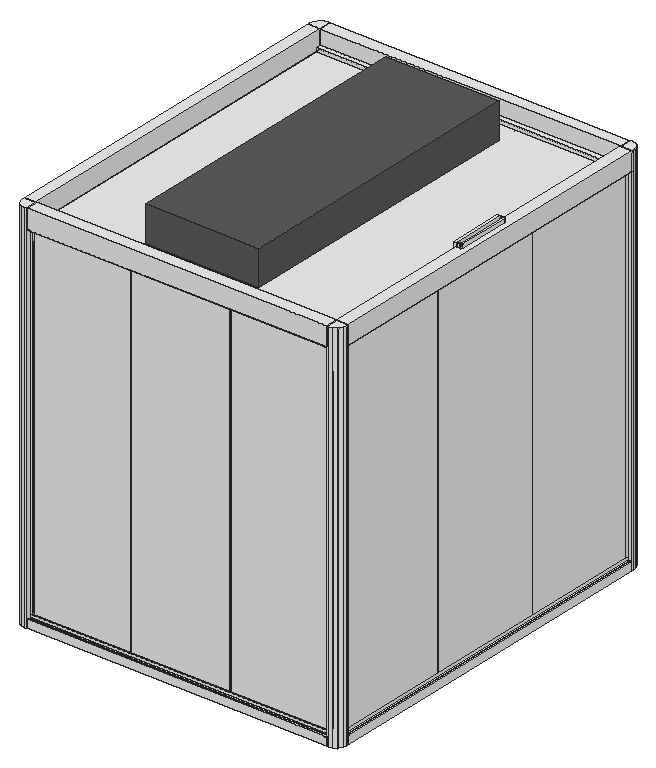
Revit family "Dauphin-Bosse S4_Space Pod_V2", category Casework, Revit 2019
Family settings
  Work Plane-Based = No
  Always vertical = Yes
  Cut with Voids When Loaded = No
  Shared = No
  Room Calculation Point = No
Parameters (values of type "Bosse S4 - Small")
  Width = 2152 mm
  Type Comments = "Bosse Series 4"  # constant formula
  Side Panel Amounts = if(Width > 2600 mm, 4, 3)  # 3
  Model = "BP4S_P85X99X99"
  Manufacturer = "Dauphin North America"  # constant formula
  Light Visibility = Width > 3500 mm  # no
  Height = 2502 mm
  Froor Depth = Depth - (78 mm * 2)  # 2358 mm
  Front Panel Amounts = if(Width > 2000 mm, 3, 2)  # 3
  Floor Width = Width - (78 mm * 2)  # 1996 mm
  Door Width = 914 mm
  Door Opening Width = Door Width + 84 mm  # 998 mm
  Description = "Bosse S4 Small PURE"
  Depth = 2514 mm
  Dauphin_White = Bosse_Panel Exterior Material
  Dauphin_Metal = Bosse_Panel Exterior Material
  Dauphin_Handle = Bosse_Door Handle Material
  Dauphin_Glass = Bosse_Panel Glass Material
  Dauphin_AC Console = Bosse_Door Metal Material
  Dauphin Floor = Bosse_Fabric Divina Asphalt Grey
  Back Panel Amount = if(Width > 2600 mm, 4, 3)  # 3
Reference planes
  plane 1 "Center (Front/Back)": y = 0
  plane 2: z = 0
  plane 3 "Center (Left/Right)": x = 0
  plane 4: y = 1257
  plane 5: y = -1257
  plane 6: x = -1076
  plane 7: x = 1076
  plane 8: z = 2502
  plane 9: x = -998
  plane 10: x = 998
Dimensions and locks
  equal spacing: plane 6, plane 3 "Center (Left/Right)", plane 7
  "Width": plane 6 to plane 7
  equal spacing: plane 4, plane 1 "Center (Front/Back)", plane 5
  "Depth": plane 5 to plane 4
  "Height": plane 8 to plane 2
  locked: plane 6 to plane 9 at 78
  locked: plane 10 to plane 7 at 78
  locked: nested 3 to plane 7 at 120
  locked: plane 4 to nested 3 at 39
  aligned and locked: level to plane 2
  aligned and locked: plane 5 to nested 1  (x2)
  aligned and locked: nested 1 to plane 3 "Center (Left/Right)"
  aligned and locked: nested 2 to plane 4
  aligned and locked: plane 9 to nested 2
  aligned and locked: plane 1 "Center (Front/Back)" to nested 4
  aligned and locked: plane 3 "Center (Left/Right)" to nested 4
  aligned and locked: plane 1 "Center (Front/Back)" to nested 5
  aligned and locked: nested 6 to plane 1 "Center (Front/Back)"
  aligned and locked: plane 6 to nested 6
  aligned and locked: plane 1 "Center (Front/Back)" to nested 7
  aligned and locked: plane 7 to nested 7
Nested families
  nested 1: "Bosse-Collaboration_Solid 2 Panel" at (0, -1257, 0) x (0, -1, 0) z (0, 0, 1), Ext_Height <- "Height", Èxt_Length <- "Width", Panel Amount <- "Back Panel Amount", Panel Material <- "Dauphin_White", Profile Material <- "Dauphin_Metal", type "Bosse-Collaboration_Solid 2 Panel"
    with Èxt_Length 2152 mm, Right Profile yes, Profile Material Bosse_Panel Exterior Material, Panel Material Bosse_Panel Exterior Material, Panel Int Length 663.333 mm, Panel Int Height 2313 mm, Panel Amount 3, Left Profile yes, Int_Length 1996 mm, Int_Height 2466 mm, Ext_Height 2502 mm
  nested 2: "Bosse-Collaboration_Door Glass Panels" at (0, 1257, 0), Height <- "Height", Glass Panel Material <- "Dauphin_Glass", Profile Material <- "Dauphin_White", Door Width <- "Door Opening Width", Width <- "Floor Width", type "Bosse-Collaboration_Door Glass Panels"
    with Width 1996 mm, Single Panel yes, Profile Material Bosse_Panel Exterior Material, Panel Width 998 mm, Multiple Panels no, Height 2502 mm, Glass Thickness 10 mm, Glass Panel Width 330.667 mm, Glass Panel Material Bosse_Panel Glass Material, Glass Height 2307 mm, Door Width 998 mm, Glass Panel Amount 3
  nested 3: "Bosse_Glass Door Panel" at (499, 1218, 0) x (-1, 0, 0) z (0, 0, 1), Width <- "Door Width", Door Handle Material <- "Dauphin_Handle", Glass Material <- "Dauphin_Glass", Metal Material <- "Dauphin_Metal", type "Bosse_Glass Door Panel"
    with Width 914 mm, Metal Material Bosse_Panel Exterior Material, Height 2332 mm, Glass Material Bosse_Panel Glass Material, Door Handle Material Bosse_Door Handle Material
  nested 4: "Bosse-Collaboration_Floor" at (0, 0, 0), Depth <- "Froor Depth", Width <- "Floor Width", Floor Material <- "Dauphin Floor", type "Bosse-Collaboration_Floor"
    with Width 1996 mm, Floor Material Bosse_Fabric Divina Asphalt Grey, Depth 2358 mm
  nested 5: "Bosse-Collaboration_Ceiling" at (-40, 0, 0), Depth <- "Froor Depth", Width <- "Floor Width", AC Console Material <- "Dauphin_AC Console", Ceiling Material <- "Dauphin_White", Shadow Line Material <- "Dauphin_White", type "Small"
    with Width 1996 mm, Shadow Line Material Bosse_Panel Exterior Material, Depth 2358 mm, Ceiling Material Bosse_Panel Exterior Material, AC Console Material Bosse_Door Metal Material
  nested 6: "Bosse-Collaboration_Solid 3 Panel" at (-1076, 0, 0) x (-1, 0, 0) z (0, 0, 1), Èxt_Length <- "Depth", Interior Panel Material <- "Dauphin_White", External Panel Material <- "Dauphin_White", type "Bosse-Collaboration_Solid 3 Panel"
    with Èxt_Length 2514 mm, Right Profile yes, Panel Int Width 784 mm, Panel Int Height 2311 mm, Left Profile yes, Internal Panel no, Interior Panel Material Bosse_Panel Exterior Material, Int_Length 2358 mm, Int_Height 2466 mm, External Panel Material Bosse_Panel Exterior Material, Ext_Height 2502 mm
  nested 7: "Bosse-Collaboration_Solid 3 Panel" at (1076, 0, 0), Èxt_Length <- "Depth", Interior Panel Material <- "Dauphin_White", External Panel Material <- "Dauphin_White", type "Bosse-Collaboration_Solid 3 Panel"
    with Èxt_Length 2514 mm, Right Profile yes, Panel Int Width 784 mm, Panel Int Height 2311 mm, Left Profile yes, Internal Panel yes, Interior Panel Material Bosse_Panel Exterior Material, Int_Length 2358 mm, Int_Height 2466 mm, External Panel Material Bosse_Panel Exterior Material, Ext_Height 2502 mm
Definition of nested family "Bosse-Collaboration_Solid 2 Panel"
  Parameters (values of type "Bosse-Collaboration_Solid 2 Panel")
    Èxt_Length [instance] = 2152 mm
    Right Profile [instance] = yes
    Profile Material [instance] = none
    Panel Material [instance] = none
    Panel Int Length [instance] = (Int_Length - 6 mm) / Panel Amount  # 995 mm
    Panel Int Height [instance] = 2313 mm  # constant formula
    Panel Amount [instance] = 2
    Left Profile [instance] = yes
    Int_Length [instance] = Èxt_Length - 78 mm - 78 mm  # 1996 mm
    Int_Height [instance] = Ext_Height - 36 mm  # 2374 mm
    Ext_Height [instance] = 2410 mm
  Reference planes
    plane 1 "Center (Front/Back)": y = 0
    plane 2: z = 0
    plane 3 "Center (Left/Right)": x = 0
    plane 4: y = 998
    plane 5: y = -998
    plane 6: y = -995
    plane 7: y = 995
    plane 8: y = -1076
    plane 9: y = 1076
  Forms (mm)
    Sweep 1, solid, material <- "Profile Material"
      path origin (0, 0, 0) x (1, 0, 0) y (0, 1, 0)
        loop
          line (0, -998) -> (0, 998)
      profile origin (0, 0, 0) x (-1, 0, 0) y (0, 0, 1)
        loop
          line (17.55, 45) -> (9.55, 45) -> (9.55, 55) -> (0.9, 55)
          arc (0.9, 55) -> (0.264, 54.736) -> (0, 54.1) r 0.9
          line (0, 54.1) -> (0, 0) -> (78, 0) -> (78, 54.136)
          arc (78, 54.136) -> (77.747, 54.747) -> (77.136, 55) r 0.864
          line (77.136, 55) -> (68.45, 55) -> (68.45, 45) -> (60.45, 45) -> (60.45, 55) -> (17.55, 55) -> (17.55, 45)
        loop
          line (78, 2502) -> (0, 2502) -> (0, 2374.877)
          arc (0, 2374.877) -> (0.257, 2374.257) -> (0.877, 2374) r 0.877
          line (0.877, 2374) -> (9.55, 2374) -> (9.55, 2384) -> (17.55, 2384) -> (17.55, 2374) -> (60.45, 2374) -> (60.45, 2384) -> (68.45, 2384) -> (68.45, 2374) -> (77.1, 2374)
          arc (77.1, 2374) -> (77.736, 2374.264) -> (78, 2374.9) r 0.9
          line (78, 2374.9) -> (78, 2502)
    Sweep 2, solid, material <- "Profile Material"
      path origin (0, 0, 0) x (0, 1, 0) y (0, 0, 1)
        loop
          line (998, 55) -> (-998, 55)
      profile origin (0, 0, 55) x (0, 0, -1) y (1, 0, 0)
        loop
          line (-21, -26.5) -> (-21, -34) -> (-2.8, -34) -> (-2.8, -44) -> (-21, -44) -> (-21, -51.5) -> (-6.5, -51.5) -> (-6, -50.874) -> (-5.5, -51.5) -> (0, -51.5) -> (0, -26.5) -> (-21, -26.5)
        loop
          line (-2298, -26.5) -> (-2319, -26.5) -> (-2319, -51.5) -> (-2313.5, -51.5) -> (-2313, -50.874) -> (-2312.5, -51.5) -> (-2298, -51.5) -> (-2298, -44) -> (-2316.2, -44) -> (-2316.2, -34) -> (-2298, -34) -> (-2298, -26.5)
    Extrusion 3, solid, material <- "Profile Material"
      sketch origin (0, 0, 0) x (1, 0, 0) y (0, 1, 0)
        loop
          line (-51.5, 998) -> (-51.5, 992.5) -> (-50.874, 992) -> (-51.5, 991.5) -> (-51.5, 977) -> (-44, 977) -> (-44, 995.2) -> (-34, 995.2) -> (-34, 977) -> (-26.5, 977) -> (-26.5, 998) -> (-51.5, 998)
        loop
          line (-51.5, -998) -> (-26.5, -998) -> (-26.5, -977) -> (-34, -977) -> (-34, -995.2) -> (-44, -995.2) -> (-44, -977) -> (-51.5, -977) -> (-51.5, -991.5) -> (-50.874, -992) -> (-51.5, -992.5) -> (-51.5, -998)
      from 76 to 2353
  Dimensions and locks
    equal spacing: plane 5, plane 1 "Center (Front/Back)", plane 4
    "Int_Length": plane 5 to plane 4
    locked: plane 5 to plane 6 at 3
    locked: plane 7 to plane 4 at 3
    group 1 to group 2 = 0 mm  (x2)
    group 1 to group 2 = 995 mm
    equal spacing: plane 8, plane 1 "Center (Front/Back)", plane 9
    "Èxt_Length": plane 8 to plane 9
    aligned and locked: level to plane 2
    aligned and locked: nested 1 to Sweep 1 sketch curve
    aligned and locked: plane 4 to Sweep 2 sketch curve
    aligned and locked: plane 5 to Sweep 2 sketch curve
    aligned and locked: Extrusion 3 to Sweep 2  (x2)
    aligned and locked: Extrusion 3 to Sweep 2 sketch curve
    aligned and locked: Sweep 2 sketch curve to Extrusion 3  (x3)
    aligned and locked: plane 6 to nested 2
    aligned and locked: plane 7 to nested 3
    aligned and locked: plane 1 "Center (Front/Back)" to nested 1
  Automatic sketch dimensions
    Sweep 1 sketch curve to profile plane = 0 mm  (x2)
    Sweep 1 sketch curve to level = 0 mm
    Sweep 1 sketch curve to profile plane = 0.877 mm
    Sweep 1 sketch curve to profile plane = 0.9 mm
    Sweep 1 sketch curve to profile plane = 9.55 mm
    Sweep 1 sketch curve to Sweep 1 sketch curve = 8.673 mm
    Sweep 1 sketch curve to Sweep 1 sketch curve = 8 mm  (x4)
    Sweep 1 sketch curve to Sweep 1 sketch curve = 42.9 mm  (x2)
    Sweep 1 sketch curve to Sweep 1 sketch curve = 8.686 mm
    Sweep 1 sketch curve to Sweep 1 sketch curve = 8.65 mm
    Sweep 1 sketch curve to Sweep 1 sketch curve = 0.864 mm
    Sweep 1 sketch curve to Sweep 1 sketch curve = 0.9 mm
    level to Sweep 1 sketch curve = 45 mm  (x2)
    Sweep 1 sketch curve to Sweep 1 sketch curve = 9.1 mm
    Sweep 1 sketch curve to Sweep 1 sketch curve = 9.136 mm
    Sweep 1 sketch curve to Sweep 1 sketch curve = 0 mm  (x3)
    Sweep 1 sketch curve to Sweep 1 sketch curve = 2319 mm
    Sweep 1 sketch curve to Sweep 1 sketch curve = 10 mm  (x2)
    Sweep 1 sketch curve to Sweep 1 sketch curve = 118 mm
    plane 5 to Sweep 1 sketch curve = 0 mm
    plane 4 to Sweep 1 sketch curve = 0 mm
    plane 4 to Extrusion 3 sketch curve = 0 mm
    plane 5 to Extrusion 3 sketch curve = 0 mm
    Extrusion 3 sketch curve to plane 5 = 2.8 mm
    Extrusion 3 sketch curve to Extrusion 3 sketch curve = 10 mm  (x2)
    Extrusion 3 sketch curve to plane 5 = 6 mm
    Extrusion 3 sketch curve to Extrusion 3 sketch curve = 6.874 mm  (x2)
    plane 4 to Extrusion 3 sketch curve = 6 mm
    Extrusion 3 sketch curve to Extrusion 3 sketch curve = 0.626 mm  (x2)
    Extrusion 3 sketch curve to Extrusion 3 sketch curve = 7.5 mm  (x4)
    plane 4 to Extrusion 3 sketch curve = 5.5 mm
    Extrusion 3 sketch curve to Extrusion 3 sketch curve = 0.5 mm  (x3)
    Extrusion 3 sketch curve to Extrusion 3 sketch curve = 18.2 mm
    Extrusion 3 sketch curve to Extrusion 3 sketch curve = 14.5 mm
    plane 4 to Extrusion 3 sketch curve = 21 mm
    Extrusion 3 sketch curve to Extrusion 3 sketch curve = 15 mm
    plane 4 to Extrusion 3 sketch curve = 2.8 mm
    Sweep 2 sketch curve to profile plane = 0 mm
    profile plane to Sweep 2 sketch curve = 2.8 mm
    Sweep 2 sketch curve to Sweep 2 sketch curve = 2.7 mm
    Sweep 2 sketch curve to Sweep 2 sketch curve = 1 mm
    Sweep 2 sketch curve to Sweep 2 sketch curve = 18.2 mm  (x2)
    Sweep 2 sketch curve to Sweep 2 sketch curve = 14.5 mm  (x2)
    Sweep 2 sketch curve to Sweep 2 sketch curve = 2277 mm
    Sweep 2 sketch curve to Sweep 2 sketch curve = 0 mm  (x3)
    Sweep 2 sketch curve to plane 3 "Center (Left/Right)" = 51.5 mm
    Sweep 2 sketch curve to Sweep 2 sketch curve = 0.5 mm  (x3)
    Sweep 2 sketch curve to Sweep 2 sketch curve = 2.8 mm
    Sweep 2 sketch curve to Sweep 2 sketch curve = 0.626 mm  (x2)
    Sweep 2 sketch curve to Sweep 2 sketch curve = 7.5 mm  (x3)
    Sweep 2 sketch curve to Sweep 2 sketch curve = 6.874 mm
    level to Sweep 2 sketch curve = 55 mm
    Extrusion 3 sketch curve to plane 3 "Center (Left/Right)" = 51.5 mm  (x2)
  Nested families
    nested 1: "Bosse-Collaboration_Side Profiles" at (0, 0, 0), Frame Materials <- "Profile Material", Dist_Door Profile <- "Int_Length", type "Bosse-Collaboration_Side Profiles"
      with Height 2502 mm, Frame Materials none, Dist_Door Profile 1996 mm
    nested 2: "Bosse_Space Cube_Panel" at (-44, -497.5, 58) x (0, -1, 0) z (0, 0, 1), Height <- "Panel Int Height", Width <- "Panel Int Length", Dauphin_Panel <- "Panel Material", type "Bosse_Space Cube_Panel"
      with Width 995 mm, Height 2313 mm, Depth 10 mm, Dauphin_Panel none
    nested 3: "Bosse_Space Cube_Panel" at (-44, 497.5, 58) x (0, -1, 0) z (0, 0, 1), Height <- "Panel Int Height", Width <- "Panel Int Length", Dauphin_Panel <- "Panel Material", type "Bosse_Space Cube_Panel"
      with Width 995 mm, Height 2313 mm, Depth 10 mm, Dauphin_Panel none
  Definition of nested family "Bosse-Collaboration_Side Profiles"
    Parameters (values of type "Bosse-Collaboration_Side Profiles")
      Right Profile = yes
      Left Profile = yes
      Height [instance] = 2502 mm
      Frame Materials [instance] = none
      Dist_Door Profile [instance] = 2238 mm
    Reference planes
      plane 1 "Center (Front/Back)": y = 0
      plane 2: z = 0
      plane 3 "Center (Left/Right)": x = 0
      plane 4: z = 2502
      plane 5: y = 1119
      plane 6: y = -1119
      plane 7: z = 2502
    Forms (mm)
      Sweep 1, solid, material <- "Frame Materials", visible <- "Left Profile"
        path origin (858.657, 1119, 1200) x (1, 0, 0) y (0, 0, 1)
          loop
            line (-858.657, -1200) -> (-858.657, 1302)
        profile origin (0, 1119, 1251) x (-1, 0, 0) y (0, -1, 0)
          loop
            line (78, 0) -> (0.75, 0)
            arc (0.75, 0) -> (0.22, -0.22) -> (0, -0.75) r 0.75
            line (0, -0.75) -> (0, -10.114) -> (4.889, -35.163) -> (15.124, -57.008)
            arc (15.124, -57.008) -> (17.544, -60.457) -> (20.993, -62.877) r 12.196
            line (20.993, -62.877) -> (42.837, -73.111) -> (67.886, -78) -> (77.22, -78)
            arc (77.22, -78) -> (77.771, -77.772) -> (78, -77.22) r 0.78
            line (78, -77.22) -> (78, 0)
      Sweep 2, solid, material <- "Frame Materials", visible <- "Right Profile"
        path origin (0, 0, 0) x (0, 1, 0) y (0, 0, 1)
          loop
            line (-1119, 2502) -> (-1119, 0)
        profile origin (0, -1119, 1251) x (1, 0, 0) y (0, 1, 0)
          loop
            line (-78, 0) -> (-78, -77.22)
            arc (-78, -77.22) -> (-77.771, -77.772) -> (-77.22, -78) r 0.78
            line (-77.22, -78) -> (-67.886, -78) -> (-42.837, -73.111) -> (-20.993, -62.877)
            arc (-20.993, -62.877) -> (-17.544, -60.457) -> (-15.124, -57.008) r 12.196
            line (-15.124, -57.008) -> (-4.889, -35.163) -> (0, -10.114) -> (0, -0.75)
            arc (0, -0.75) -> (-0.22, -0.22) -> (-0.75, 0) r 0.75
            line (-0.75, 0) -> (-78, 0)
    Dimensions and locks
      "Height": plane 4 to plane 2
      "Dist_Door Profile": plane 6 to plane 5
      "Height": plane 7 to plane 2
      equal spacing: plane 6, plane 1 "Center (Front/Back)", plane 5
      aligned and locked: level to plane 2
      aligned and locked: plane 4 to Sweep 1 sketch curve
      aligned and locked: plane 5 to Sweep 1
      aligned and locked: plane 3 "Center (Left/Right)" to Sweep 1
      aligned and locked: plane 7 to Sweep 2 sketch curve
      aligned and locked: Sweep 2 sketch curve to plane 6
      aligned and locked: Sweep 2 sketch curve to profile plane
    Automatic sketch dimensions
      Sweep 1 sketch curve to profile plane = 0 mm
      plane 5 to Sweep 1 sketch curve = 0 mm
      Sweep 1 sketch curve to Sweep 1 sketch curve = 0.75 mm
      Sweep 1 sketch curve to profile plane = 4.889 mm
      Sweep 1 sketch curve to profile plane = 15.124 mm
      Sweep 1 sketch curve to Sweep 1 sketch curve = 5.869 mm
      Sweep 1 sketch curve to Sweep 1 sketch curve = 5.174 mm  (x2)
      Sweep 1 sketch curve to Sweep 1 sketch curve = 21.844 mm
      Sweep 1 sketch curve to Sweep 1 sketch curve = 25.049 mm  (x2)
      Sweep 1 sketch curve to Sweep 1 sketch curve = 9.334 mm
      Sweep 1 sketch curve to Sweep 1 sketch curve = 0.78 mm
      Sweep 1 sketch curve to Sweep 1 sketch curve = 9.365 mm
      Sweep 1 sketch curve to Sweep 1 sketch curve = 16.67 mm
      Sweep 1 sketch curve to Sweep 1 sketch curve = 10.234 mm
      Sweep 1 sketch curve to Sweep 1 sketch curve = 4.109 mm
      Sweep 2 sketch curve to level = 0 mm
      Sweep 2 sketch curve to plane 3 "Center (Left/Right)" = 0 mm
      Sweep 2 sketch curve to plane 3 "Center (Left/Right)" = 0.75 mm
      Sweep 2 sketch curve to plane 3 "Center (Left/Right)" = 4.889 mm
      Sweep 2 sketch curve to plane 3 "Center (Left/Right)" = 15.124 mm
      Sweep 2 sketch curve to Sweep 2 sketch curve = 5.869 mm
      Sweep 2 sketch curve to Sweep 2 sketch curve = 5.174 mm  (x2)
      Sweep 2 sketch curve to Sweep 2 sketch curve = 21.844 mm
      Sweep 2 sketch curve to Sweep 2 sketch curve = 25.049 mm  (x2)
      Sweep 2 sketch curve to Sweep 2 sketch curve = 9.334 mm
      Sweep 2 sketch curve to Sweep 2 sketch curve = 51.833 mm
      Sweep 2 sketch curve to Sweep 2 sketch curve = 9.365 mm
      Sweep 2 sketch curve to Sweep 2 sketch curve = 16.67 mm
      Sweep 2 sketch curve to Sweep 2 sketch curve = 10.234 mm
      Sweep 2 sketch curve to Sweep 2 sketch curve = 4.109 mm
      Sweep 1 sketch curve to plane 3 "Center (Left/Right)" = 0 mm
      Sweep 1 sketch curve to level = 0 mm
  Definition of nested family "Bosse_Space Cube_Panel"
    Parameters
      Width [instance] = 1071.462 mm
      Height [instance] = 1897.978 mm
      Depth [instance] = 10 mm
      Dauphin_Panel [instance] = none
    Reference planes
      plane 1 "Center (Front/Back)": y = 0
      plane 2: z = 0
      plane 3 "Center (Left/Right)": x = 0
      plane 4: x = 535.731
      plane 5: x = -535.731
      plane 6: y = 10
      plane 7: z = 1897.978
    Forms (mm)
      Extrusion 1, solid, material <- "Dauphin_Panel"
        sketch origin (0, 0, 0) x (1, 0, 0) y (0, 1, 0)
          loop
            line (-535.731, 10) -> (-535.731, 0) -> (535.731, 0) -> (535.731, 10) -> (-535.731, 10)
        from 0 to 1897.978
      Sweep 2, void
        path in 3D
          loop
            line (-535.731, 0, 1897.978) -> (-535.731, 0, 0)
        profile origin (-535.731, 0, 948.989) x (-1, 0, 0) y (0, -1, 0)
          loop
            line (0, -2.5) -> (0, -7.5) -> (-2.67, -7.5) -> (-5.17, -10) -> (-5.17, -25) -> (10, -25) -> (10, 15) -> (-5.17, 15) -> (-5.17, 0) -> (-2.67, -2.5) -> (0, -2.5)
      Sweep 3, void
        path in 3D
          loop
            line (535.731, 0, 1897.978) -> (535.731, 0, 0)
        profile origin (535.731, 0, 948.989) x (1, 0, 0) y (0, 1, 0)
          loop
            line (0, 2.5) -> (-2.67, 2.5) -> (-5.17, 0) -> (-5.17, -15) -> (10, -15) -> (10, 25) -> (-5.17, 25) -> (-5.17, 10) -> (-2.67, 7.5) -> (0, 7.5) -> (0, 2.5)
    Cuts and joins
      Sweep 2, Sweep 3 cuts Extrusion 1
    Lines and regions (mm)
      sketch lines
        curve 1: line (-535.731, 0, 1897.978) -> (-535.731, 0, 0)
        curve 2: line (535.731, 0, 1897.978) -> (535.731, 0, 0)
    Dimensions and locks
      equal spacing: plane 5, plane 3 "Center (Left/Right)", plane 4
      "Width": plane 5 to plane 4
      "Depth": plane 1 "Center (Front/Back)" to plane 6
      "Height": plane 7 to plane 2
      aligned and locked: level to plane 2
      aligned and locked: Extrusion 1 to plane 7
    Automatic sketch dimensions
      plane 1 "Center (Front/Back)" to Extrusion 1 sketch curve = 0 mm
      Extrusion 1 sketch curve to plane 5 = 0 mm
      Extrusion 1 sketch curve to plane 4 = 0 mm
      plane 6 to Extrusion 1 sketch curve = 0 mm
      profile plane to Sweep 3 sketch curve = 0 mm
      Sweep 3 sketch curve to profile plane = 0 mm
      Sweep 3 sketch curve to profile plane = 2.67 mm  (x2)
      Sweep 3 sketch curve to profile plane = 5.17 mm
      Sweep 3 sketch curve to Sweep 3 sketch curve = 2.5 mm  (x2)
      profile plane to Sweep 3 sketch curve = 15 mm
      Sweep 3 sketch curve to Sweep 3 sketch curve = 5 mm
      Sweep 3 sketch curve to Sweep 3 sketch curve = 15 mm
      profile plane to Sweep 3 sketch curve = 10 mm
      Sweep 3 sketch curve to profile plane = 2.5 mm
      Sweep 2 sketch curve to profile plane = 0 mm
      profile plane to Sweep 2 sketch curve = 10 mm
      Sweep 2 sketch curve to profile plane = 5.17 mm
      Sweep 2 sketch curve to Sweep 2 sketch curve = 0 mm
      Sweep 2 sketch curve to Sweep 2 sketch curve = 2.5 mm  (x3)
      Sweep 2 sketch curve to Sweep 2 sketch curve = 2.67 mm
      Sweep 2 sketch curve to Sweep 2 sketch curve = 15.17 mm
      Sweep 2 sketch curve to Sweep 2 sketch curve = 15 mm
      profile plane to Sweep 2 sketch curve = 2.5 mm
      Sweep 2 sketch curve to profile plane = 15 mm
Definition of nested family "Bosse-Collaboration_Door Glass Panels"
  Parameters (values of type "Bosse-Collaboration_Door Glass Panels")
    Width [instance] = 2500 mm
    Single Panel [instance] = Width < 2500 mm  # no
    Profile Material [instance] = none
    Panel Width [instance] = Width - Door Width  # 1549 mm
    Multiple Panels [instance] = Width > 2499 mm  # yes
    Height [instance] = 2410 mm
    Glass Thickness [instance] = 10 mm  # constant formula
    Glass Panel Width [instance] = (Panel Width - 6 mm) / Glass Panel Amount  # 771.5 mm
    Glass Panel Material [instance] = none
    Glass Panel Amount = 2
    Glass Height [instance] = Height - 195 mm  # 2215 mm
    Door Width [instance] = 951 mm
  Reference planes
    plane 1 "Center (Front/Back)": y = 0
    plane 2: z = 0
    plane 3 "Center (Left/Right)": x = 0
    plane 4: z = 2282
    plane 5: x = 951
    plane 6: x = -1549
    plane 7: z = 2410
  Forms (mm)
    Sweep 1, solid, material <- "Profile Material"
      path origin (-1824.932, -1524, 2410) x (-1, 0, 0) y (0, -1, 0)
        loop
          line (-2775.932, -1524) -> (-275.932, -1524)
      profile origin (-299, 0, 2410) x (0, -1, 0) y (0, 0, 1)
        loop
          line (78, 0) -> (0, 0) -> (0, -127.199)
          arc (0, -127.199) -> (0.235, -127.765) -> (0.801, -128) r 0.801
          line (0.801, -128) -> (9.55, -128) -> (9.55, -118) -> (17.55, -118) -> (17.55, -128) -> (60.45, -128) -> (60.45, -118) -> (68.45, -118) -> (68.45, -128) -> (77.128, -128)
          arc (77.128, -128) -> (77.745, -127.745) -> (78, -127.128) r 0.872
          line (78, -127.128) -> (78, 0)
    Sweep 2, solid, material <- "Profile Material"
      path origin (228.239, -19, 0) x (1, 0, 0) y (0, 1, 0)
        loop
          line (-228.239, 19) -> (-1777.239, 19)
      profile origin (-774.5, 0, 0) x (0, -1, 0) y (0, 0, 1)
        loop
          line (0, 54.164) -> (0, 0) -> (78, 0) -> (78, 54.24)
          arc (78, 54.24) -> (77.777, 54.777) -> (77.24, 55) r 0.76
          line (77.24, 55) -> (68.45, 55) -> (68.45, 45) -> (60.45, 45) -> (60.45, 55) -> (17.55, 55) -> (17.55, 45) -> (9.55, 45) -> (9.55, 55) -> (0.836, 55)
          arc (0.836, 55) -> (0.245, 54.755) -> (0, 54.164) r 0.836
    Sweep 3, solid, material <- "Profile Material"
      path origin (186.239, 0, 0) x (1, 0, 0) y (0, 0, 1)
        loop
          line (764.761, 0) -> (764.761, 2282) -> (-186.239, 2282) -> (-186.239, 0)
      profile origin (951, 0, 1141) x (-1, 0, 0) y (0, -1, 0)
        loop
          line (55.5, 59.5) -> (42, 59.5) -> (42, 78) -> (0.821, 78)
          arc (0.821, 78) -> (0.241, 77.759) -> (0, 77.179) r 0.821
          line (0, 77.179) -> (0, 0.771)
          arc (0, 0.771) -> (0.226, 0.226) -> (0.771, 0) r 0.771
          line (0.771, 0) -> (42, 0) -> (42, 39) -> (55.5, 39) -> (55.5, 59.5)
    Sweep 4, solid, material <- "Profile Material"
      path origin (0, 0, 0) x (1, 0, 0) y (0, 0, 1)
        loop
          line (-1549, 2282) -> (-1549, 55) -> (0, 55) -> (0, 2282) -> (-1549, 2282)
      profile origin (0, 0, 1168.5) x (0, -1, 0) y (1, 0, 0)
        loop
          line (43.975, -21) -> (51.475, -21) -> (51.475, 0) -> (26.475, 0) -> (26.475, -5.5) -> (27.179, -6) -> (26.475, -6.5) -> (26.475, -21) -> (33.975, -21) -> (33.975, -2.8) -> (43.975, -2.8) -> (43.975, -21)
  Dimensions and locks
    "Height": plane 7 to plane 2
    "Door Width": plane 3 "Center (Left/Right)" to plane 5
    locked: plane 7 to plane 4 at 128
    "Width": plane 6 to plane 5
    group 2 to group 1 = 771.9 mm
    group 1 to group 2 = 0 mm  (x2)
    aligned and locked: level to plane 2
    aligned and locked: plane 4 to Sweep 3 sketch curve
    aligned and locked: Sweep 3 sketch curve to plane 3 "Center (Left/Right)"
    aligned and locked: Sweep 3 sketch curve to plane 5
    aligned and locked: Sweep 3 to plane 3 "Center (Left/Right)"
    aligned and locked: Sweep 4 sketch curve to plane 3 "Center (Left/Right)"
    aligned and locked: plane 6 to Sweep 4 sketch curve
    aligned and locked: Sweep 4 sketch curve to Sweep 2
    aligned and locked: plane 4 to Sweep 4 sketch curve
    aligned and locked: plane 6 to Sweep 1 sketch curve
    aligned and locked: plane 5 to Sweep 1 sketch curve
    aligned and locked: Sweep 1 sketch curve to plane 1 "Center (Front/Back)"
    aligned and locked: Sweep 2 sketch curve to plane 1 "Center (Front/Back)"
    aligned and locked: plane 3 "Center (Left/Right)" to Sweep 2 sketch curve
    aligned and locked: plane 6 to Sweep 2 sketch curve
    aligned and locked: nested 1 to Sweep 4  (x2)
    aligned and locked: nested 2 to Sweep 4  (x2)
    aligned and locked: nested 3 to Sweep 4
    aligned and locked: Sweep 4 to nested 3
  Automatic sketch dimensions
    Sweep 1 sketch curve to profile plane = 0 mm  (x2)
    Sweep 1 sketch curve to profile plane = 0.801 mm
    Sweep 1 sketch curve to Sweep 1 sketch curve = 8.749 mm
    Sweep 1 sketch curve to Sweep 1 sketch curve = 8 mm  (x2)
    Sweep 1 sketch curve to Sweep 1 sketch curve = 42.9 mm
    Sweep 1 sketch curve to Sweep 1 sketch curve = 8.678 mm
    Sweep 1 sketch curve to profile plane = 78 mm
    Sweep 1 sketch curve to profile plane = 118 mm
    Sweep 1 sketch curve to Sweep 1 sketch curve = 0 mm  (x2)
    Sweep 1 sketch curve to Sweep 1 sketch curve = 9.128 mm
    Sweep 1 sketch curve to Sweep 1 sketch curve = 9.199 mm
    Sweep 2 sketch curve to level = 0 mm
    Sweep 2 sketch curve to profile plane = 0 mm
    Sweep 2 sketch curve to Sweep 2 sketch curve = 0.836 mm
    Sweep 2 sketch curve to Sweep 2 sketch curve = 8.714 mm
    Sweep 2 sketch curve to Sweep 2 sketch curve = 8 mm  (x2)
    Sweep 2 sketch curve to Sweep 2 sketch curve = 42.9 mm
    Sweep 2 sketch curve to Sweep 2 sketch curve = 8.79 mm
    Sweep 2 sketch curve to Sweep 2 sketch curve = 9.55 mm
    level to Sweep 2 sketch curve = 45 mm
    Sweep 2 sketch curve to Sweep 2 sketch curve = 0 mm  (x2)
    Sweep 2 sketch curve to Sweep 2 sketch curve = 9.164 mm
    Sweep 2 sketch curve to Sweep 2 sketch curve = 9.24 mm
    Sweep 3 sketch curve to level = 0 mm  (x2)
    Sweep 3 sketch curve to profile plane = 0 mm
    plane 1 "Center (Front/Back)" to Sweep 3 sketch curve = 0 mm
    Sweep 3 sketch curve to Sweep 3 sketch curve = 0.771 mm
    Sweep 3 sketch curve to profile plane = 0.821 mm
    Sweep 3 sketch curve to Sweep 3 sketch curve = 41.229 mm
    Sweep 3 sketch curve to Sweep 3 sketch curve = 0 mm  (x2)
    Sweep 3 sketch curve to Sweep 3 sketch curve = 13.5 mm
    plane 1 "Center (Front/Back)" to Sweep 3 sketch curve = 39 mm
    Sweep 3 sketch curve to Sweep 3 sketch curve = 20.5 mm
    Sweep 3 sketch curve to Sweep 3 sketch curve = 17.679 mm
    profile plane to Sweep 4 sketch curve = 5.5 mm
    plane 1 "Center (Front/Back)" to Sweep 4 sketch curve = 26.475 mm
    profile plane to Sweep 4 sketch curve = 6.5 mm
    Sweep 4 sketch curve to Sweep 4 sketch curve = 0 mm  (x2)
    profile plane to Sweep 4 sketch curve = 6 mm
    Sweep 4 sketch curve to Sweep 4 sketch curve = 0.704 mm
    Sweep 4 sketch curve to Sweep 4 sketch curve = 7.5 mm  (x2)
    profile plane to Sweep 4 sketch curve = 2.8 mm
    Sweep 4 sketch curve to Sweep 4 sketch curve = 10 mm
    Sweep 4 sketch curve to Sweep 4 sketch curve = 14.5 mm
    Sweep 4 sketch curve to profile plane = 0 mm
  Nested families
    nested 1: "Bosse_Space Cube_Panel" at (-388.55, -44, 57.8), Dauphin_Panel <- "Glass Panel Material", Depth <- "Glass Thickness", Width <- "Glass Panel Width", Height <- "Glass Height", visible <- "Multiple Panels", type "Bosse_Space Cube_Panel"
      with Width 771.5 mm, Height 2215 mm, Depth 10 mm, Dauphin_Panel none
    nested 2: "Bosse_Space Cube_Panel" at (-1160.45, -44, 57.8), Dauphin_Panel <- "Glass Panel Material", Depth <- "Glass Thickness", Width <- "Glass Panel Width", Height <- "Glass Height", visible <- "Multiple Panels", type "Bosse_Space Cube_Panel"
      with Width 771.5 mm, Height 2215 mm, Depth 10 mm, Dauphin_Panel none
    nested 3: "Bosse_Space Cube_Panel" at (-774.5, -43.975, 57.8), Depth <- "Glass Thickness", Dauphin_Panel <- "Glass Panel Material", visible <- "Single Panel", Height <- "Glass Height", type "Bosse_Space Cube_Panel"
      with Width 1543.401 mm, Height 2215 mm, Depth 10 mm, Dauphin_Panel none
  Definition of nested family "Bosse_Space Cube_Panel"
    Parameters
      Width [instance] = 1071.462 mm
      Height [instance] = 1897.978 mm
      Depth [instance] = 10 mm
      Dauphin_Panel [instance] = none
    Reference planes
      plane 1 "Center (Front/Back)": y = 0
      plane 2: z = 0
      plane 3 "Center (Left/Right)": x = 0
      plane 4: x = 535.731
      plane 5: x = -535.731
      plane 6: y = 10
      plane 7: z = 1897.978
    Forms (mm)
      Extrusion 1, solid, material <- "Dauphin_Panel"
        sketch origin (0, 0, 0) x (1, 0, 0) y (0, 1, 0)
          loop
            line (-535.731, 10) -> (-535.731, 0) -> (535.731, 0) -> (535.731, 10) -> (-535.731, 10)
        from 0 to 1897.978
      Sweep 2, void
        path in 3D
          loop
            line (-535.731, 0, 1897.978) -> (-535.731, 0, 0)
        profile origin (-535.731, 0, 948.989) x (-1, 0, 0) y (0, -1, 0)
          loop
            line (0, -2.5) -> (0, -7.5) -> (-2.67, -7.5) -> (-5.17, -10) -> (-5.17, -25) -> (10, -25) -> (10, 15) -> (-5.17, 15) -> (-5.17, 0) -> (-2.67, -2.5) -> (0, -2.5)
      Sweep 3, void
        path in 3D
          loop
            line (535.731, 0, 1897.978) -> (535.731, 0, 0)
        profile origin (535.731, 0, 948.989) x (1, 0, 0) y (0, 1, 0)
          loop
            line (0, 2.5) -> (-2.67, 2.5) -> (-5.17, 0) -> (-5.17, -15) -> (10, -15) -> (10, 25) -> (-5.17, 25) -> (-5.17, 10) -> (-2.67, 7.5) -> (0, 7.5) -> (0, 2.5)
    Cuts and joins
      Sweep 2, Sweep 3 cuts Extrusion 1
    Lines and regions (mm)
      sketch lines
        curve 1: line (-535.731, 0, 1897.978) -> (-535.731, 0, 0)
        curve 2: line (535.731, 0, 1897.978) -> (535.731, 0, 0)
    Dimensions and locks
      equal spacing: plane 5, plane 3 "Center (Left/Right)", plane 4
      "Width": plane 5 to plane 4
      "Depth": plane 1 "Center (Front/Back)" to plane 6
      "Height": plane 7 to plane 2
      aligned and locked: level to plane 2
      aligned and locked: Extrusion 1 to plane 7
    Automatic sketch dimensions
      plane 1 "Center (Front/Back)" to Extrusion 1 sketch curve = 0 mm
      Extrusion 1 sketch curve to plane 5 = 0 mm
      Extrusion 1 sketch curve to plane 4 = 0 mm
      plane 6 to Extrusion 1 sketch curve = 0 mm
      profile plane to Sweep 3 sketch curve = 0 mm
      Sweep 3 sketch curve to profile plane = 0 mm
      Sweep 3 sketch curve to profile plane = 2.67 mm  (x2)
      Sweep 3 sketch curve to profile plane = 5.17 mm
      Sweep 3 sketch curve to Sweep 3 sketch curve = 2.5 mm  (x2)
      profile plane to Sweep 3 sketch curve = 15 mm
      Sweep 3 sketch curve to Sweep 3 sketch curve = 5 mm
      Sweep 3 sketch curve to Sweep 3 sketch curve = 15 mm
      profile plane to Sweep 3 sketch curve = 10 mm
      Sweep 3 sketch curve to profile plane = 2.5 mm
      Sweep 2 sketch curve to profile plane = 0 mm
      profile plane to Sweep 2 sketch curve = 10 mm
      Sweep 2 sketch curve to profile plane = 5.17 mm
      Sweep 2 sketch curve to Sweep 2 sketch curve = 0 mm
      Sweep 2 sketch curve to Sweep 2 sketch curve = 2.5 mm  (x3)
      Sweep 2 sketch curve to Sweep 2 sketch curve = 2.67 mm
      Sweep 2 sketch curve to Sweep 2 sketch curve = 15.17 mm
      Sweep 2 sketch curve to Sweep 2 sketch curve = 15 mm
      profile plane to Sweep 2 sketch curve = 2.5 mm
      Sweep 2 sketch curve to profile plane = 15 mm
Definition of nested family "Bosse_Glass Door Panel"
  Parameters (values of type "Bosse_Glass Door Panel")
    Width [instance] = 800 mm
    Metal Material [instance] = none
    Height [instance] = 2400 mm
    Glass Material [instance] = none
    Door Handle Material [instance] = none
    Analytic Construction = "<None>"
  Reference planes
    plane 1 "Center (Front/Back)": y = 0
    plane 2: z = 0
    plane 3 "Center (Left/Right)": x = 0
    plane 4: x = -400
    plane 5: x = 400
    plane 6: x = 323.24
    plane 7: z = 2400
    plane 8: z = 1200
  Forms (mm)
    Extrusion 1, solid, material <- "Glass Material"
      sketch origin (0, -6.538, 0) x (1, 0, 0) y (0, 1, 0)
        loop
          line (-400, -8.723) -> (400, -8.723) -> (400, 0) -> (-400, 0) -> (-400, -8.723)
      from 15 to 2400
    Extrusion 2, solid, material <- "Metal Material"
      sketch origin (0, 0, 0) x (1, 0, 0) y (0, 0, 1)
        loop
          line (-400, 2400) -> (-400, 0) -> (-387, 0) -> (-387, 2387.122) -> (387, 2387.122) -> (387, 0) -> (400, 0) -> (400, 2400) -> (-400, 2400)
      from 0 to 5
  Lines and regions (mm)
    symbolic lines
      curve 1: line (-400, 0, 15) -> (400, 0, 1200)
      curve 2: line (400, 0, 1200) -> (-400, 0, 2400.122)
      curve 3: arc (400, -15.262, 0) -> (165.685, -580.947, 0) -> (-400, -815.262, 0) r 800
      curve 4: line (-400, -15.262, 0) -> (-400, -815.262, 0)
  Dimensions and locks
    equal spacing: plane 4, plane 3 "Center (Left/Right)", plane 5
    "Width": plane 4 to plane 5
    locked: Extrusion 1 sketch curve to Extrusion 1 sketch curve at 8.723
    "Height": plane 7 to plane 2
    locked: plane 5 to Extrusion 2 sketch curve at 13
    locked: Extrusion 2 sketch curve to plane 4 at 13
    locked: plane 7 to Extrusion 2 sketch curve at 12.878
    "Width": curve 4 to curve 4
    equal spacing: plane 7, plane 8, plane 2
    "Width": radius of curve 3
    aligned and locked: level to plane 2
    aligned and locked: Extrusion 1 to plane 4
    aligned and locked: plane 5 to Extrusion 1
    aligned and locked: plane 7 to Extrusion 2 sketch curve
    aligned and locked: plane 4 to Extrusion 2 sketch curve
    aligned and locked: Extrusion 2 sketch curve to plane 5
    aligned and locked: nested 2 to plane 6
    aligned and locked: plane 6 to nested 1
    aligned and locked: curve 4 to plane 4
    aligned and locked: curve 4 to Extrusion 1
    aligned and locked: plane 8 to curve 2
    aligned and locked: Extrusion 2 to curve 2
    aligned and locked: Extrusion 1 to plane 7
  Automatic sketch dimensions
    plane 1 "Center (Front/Back)" to Extrusion 1 sketch curve = 6.538 mm
    plane 4 to Extrusion 1 sketch curve = 0 mm
    Extrusion 1 sketch curve to plane 5 = 0 mm
    Extrusion 2 sketch curve to level = 0 mm  (x2)
    curve 2 to plane 4 = 0 mm
    curve 1 to plane 4 = 0 mm
    level to curve 1 = 15 mm
    curve 2 to plane 7 = 0.122 mm
  Nested families
    nested 1: "Bosse_Door Handles" at (323.24, -15.262, 1165), Bosse_Door Handle <- "Door Handle Material", type "Bosse_Door Handles"
      with Bosse_Door Handle none
    nested 2: "Bosse_Door Handles" at (323.24, -6.538, 1165), Bosse_Door Handle <- "Door Handle Material", type "Bosse_Door Handles"
      with Bosse_Door Handle none
  Definition of nested family "Bosse_Door Handles"
    Parameters
      Bosse_Door Handle [instance] = none
    Reference planes
      plane 1 "Center (Front/Back)": y = 0
      plane 2: z = 0
      plane 3 "Center (Left/Right)": x = 0
    Forms (mm)
      Extrusion 1, solid, material <- "Bosse_Door Handle"
        sketch origin (0, 0, 0) x (0, 1, 0) y (0, 0, 1)
          loop
            line (0, 100) -> (-40, 100) -> (-40, -100) -> (0, -100) -> (0, 100)
          loop
            line (-32, 71) -> (-32, -71)
            arc (-32, -71) -> (-31.122, -73.121) -> (-29, -74) r 3
            line (-29, -74) -> (-6.5, -74)
            arc (-6.5, -74) -> (-4.379, -73.121) -> (-3.5, -71) r 3
            line (-3.5, -71) -> (-3.5, 71)
            arc (-3.5, 71) -> (-4.379, 73.121) -> (-6.5, 74) r 3
            line (-6.5, 74) -> (-29, 74)
            arc (-29, 74) -> (-31.122, 73.121) -> (-32, 71) r 3
        from -13 to 13
      Extrusion 2, void
        sketch origin (0, 0, 0) x (0, 1, 0) y (0, 0, 1)
          loop
            line (-37, 100) -> (-37, 102) -> (-42.544, 102) -> (-42.544, 97) -> (-40, 97)
            arc (-40, 97) -> (-39.121, 99.121) -> (-37, 100) r 3
          loop
            arc (-37, -100) -> (-39.121, -99.121) -> (-40, -97) r 3
            line (-40, -97) -> (-42.544, -97) -> (-42.544, -102) -> (-37, -102) -> (-37, -100)
        from -24.587 to 25.605
    Cuts and joins
      Extrusion 2 cuts Extrusion 1
    Dimensions and locks
      aligned and locked: level to plane 2
Definition of nested family "Bosse-Collaboration_Floor"
  Parameters (values of type "Bosse-Collaboration_Floor")
    Width [instance] = 1759.018 mm
    Thickness = 60 mm  # constant formula
    Floor Material [instance] = none
    Depth [instance] = 2178 mm
  Reference planes
    plane 1 "Center (Front/Back)": y = 0
    plane 2: z = 0
    plane 3 "Center (Left/Right)": x = 0
    plane 4: x = -879.509
    plane 5: x = 879.509
    plane 6 "Top": z = 60
    plane 7: y = 1089
    plane 8: y = -1089
  Forms (mm)
    Extrusion 1, solid, material <- "Floor Material"
      sketch origin (0, 0, 0) x (1, 0, 0) y (0, 1, 0)
        loop
          line (-879.509, 1089) -> (-879.509, -1089) -> (879.509, -1089) -> (879.509, 1089) -> (-879.509, 1089)
      from 0 to 60
  Dimensions and locks
    equal spacing: plane 4, plane 3 "Center (Left/Right)", plane 5
    "Width": plane 4 to plane 5
    "Thickness": plane 6 "Top" to plane 2
    equal spacing: plane 8, plane 1 "Center (Front/Back)", plane 7
    "Depth": plane 8 to plane 7
    aligned and locked: level to plane 2
    aligned and locked: Extrusion 1 to plane 6 "Top"
    aligned and locked: Extrusion 1 to plane 4
    aligned and locked: Extrusion 1 to plane 5
    aligned and locked: Extrusion 1 to plane 8
  Automatic sketch dimensions
    Extrusion 1 sketch curve to plane 5 = 0 mm
    plane 4 to Extrusion 1 sketch curve = 0 mm
    Extrusion 1 sketch curve to plane 8 = 0 mm
    plane 7 to Extrusion 1 sketch curve = 0 mm
Definition of nested family "Bosse-Collaboration_Ceiling"
  Parameters (values of type "Medium")
    Width [instance] = 2514 mm
    Shadow Line Material [instance] = none
    Large Visibility = yes
    Depth [instance] = 2514 mm
    Ceiling Material [instance] = none
    AC Console Material [instance] = none
  Types (4, lengths in mm): name | Width | Large Visibility | Depth
    Extra Large | 4140 | yes | 4140
    Large | 3149 | yes | 3149
    Medium | 2514 | yes | 2514
    Small | 2159 | no | 2514
  Reference planes
    plane 1 "Center (Front/Back)": y = 0
    plane 2: z = 0
    plane 3 "Center (Left/Right)": x = 0
    plane 4: x = 1257
    plane 5: x = -1257
    plane 6: y = 1257
    plane 7: y = -1257
    plane 8: x = -1207
    plane 9: x = 1207
    plane 10: y = 1207
    plane 11: y = -1207
  Forms (mm)
    Extrusion 1, solid, material <- "AC Console Material"
      sketch origin (1032, 1077.691, 63) x (0, 0, 1) y (0, 1, 0)
        loop
          line (2554, -77.5) -> (2291, -77.5) -> (2291, -2077.883) -> (2554, -2077.883) -> (2554, -77.5)
      from 657 to 1407
    Extrusion 2, void
      sketch origin (0, 0, 0) x (0, 1, 0) y (0, 0, 1)
        loop
          line (208.691, 2595) -> (15.691, 2595) -> (13.854, 2594.83) -> (12.079, 2594.325) -> (10.427, 2593.502) -> (8.954, 2592.39) -> (7.711, 2591.026) -> (6.74, 2589.457) -> (6.073, 2587.737) -> (5.734, 2585.923) -> (5.734, 2584.077) -> (6.073, 2582.263) -> (6.74, 2580.543) -> (7.711, 2578.974) -> (8.954, 2577.61) -> (10.427, 2576.498) -> (11.652, 2575.852) -> (12.955, 2575.382) -> (14.31, 2575.096) -> (15.691, 2575) -> (208.691, 2575) -> (210.528, 2575.17) -> (212.303, 2575.675) -> (213.955, 2576.498) -> (215.428, 2577.61) -> (216.671, 2578.974) -> (217.643, 2580.543) -> (218.309, 2582.263) -> (218.648, 2584.077) -> (218.648, 2585.923) -> (218.309, 2587.737) -> (217.643, 2589.457) -> (216.671, 2591.026) -> (215.428, 2592.39) -> (213.955, 2593.502) -> (212.73, 2594.148) -> (211.428, 2594.618) -> (210.073, 2594.904) -> (208.691, 2595)
        loop
          line (-19.309, 2595) -> (-212.309, 2595) -> (-214.146, 2594.83) -> (-215.921, 2594.325) -> (-217.573, 2593.502) -> (-219.046, 2592.39) -> (-220.289, 2591.026) -> (-221.261, 2589.457) -> (-221.927, 2587.737) -> (-222.266, 2585.923) -> (-222.266, 2584.077) -> (-221.927, 2582.263) -> (-221.261, 2580.543) -> (-220.289, 2578.974) -> (-219.046, 2577.61) -> (-217.573, 2576.498) -> (-216.348, 2575.852) -> (-215.046, 2575.382) -> (-213.691, 2575.096) -> (-212.309, 2575) -> (-19.309, 2575) -> (-17.471, 2575.17) -> (-15.696, 2575.675) -> (-14.044, 2576.498) -> (-12.572, 2577.61) -> (-11.328, 2578.974) -> (-10.357, 2580.543) -> (-9.69, 2582.263) -> (-9.352, 2584.077) -> (-9.352, 2585.923) -> (-9.69, 2587.737) -> (-10.357, 2589.457) -> (-11.328, 2591.026) -> (-12.572, 2592.39) -> (-14.044, 2593.502) -> (-15.269, 2594.148) -> (-16.572, 2594.618) -> (-17.927, 2594.904) -> (-19.309, 2595)
        loop
          line (-19.309, 2568.5) -> (-212.309, 2568.5) -> (-214.146, 2568.33) -> (-215.921, 2567.825) -> (-217.573, 2567.002) -> (-219.046, 2565.89) -> (-220.289, 2564.526) -> (-221.261, 2562.957) -> (-221.927, 2561.237) -> (-222.266, 2559.423) -> (-222.266, 2557.577) -> (-221.927, 2555.763) -> (-221.261, 2554.043) -> (-220.289, 2552.474) -> (-219.046, 2551.11) -> (-217.573, 2549.998) -> (-216.348, 2549.352) -> (-215.046, 2548.882) -> (-213.691, 2548.596) -> (-212.309, 2548.5) -> (-19.309, 2548.5) -> (-17.471, 2548.67) -> (-15.696, 2549.175) -> (-14.044, 2549.998) -> (-12.572, 2551.11) -> (-11.328, 2552.474) -> (-10.357, 2554.043) -> (-9.69, 2555.763) -> (-9.352, 2557.577) -> (-9.352, 2559.423) -> (-9.69, 2561.237) -> (-10.357, 2562.957) -> (-11.328, 2564.526) -> (-12.572, 2565.89) -> (-14.044, 2567.002) -> (-15.269, 2567.648) -> (-16.572, 2568.118) -> (-17.927, 2568.404) -> (-19.309, 2568.5)
        loop
          line (208.691, 2568.5) -> (15.691, 2568.5) -> (13.854, 2568.33) -> (12.079, 2567.825) -> (10.427, 2567.002) -> (8.954, 2565.89) -> (7.711, 2564.526) -> (6.74, 2562.957) -> (6.073, 2561.237) -> (5.734, 2559.423) -> (5.734, 2557.577) -> (6.073, 2555.763) -> (6.74, 2554.043) -> (7.711, 2552.474) -> (8.954, 2551.11) -> (10.427, 2549.998) -> (11.652, 2549.352) -> (12.955, 2548.882) -> (14.31, 2548.596) -> (15.691, 2548.5) -> (208.691, 2548.5) -> (210.528, 2548.67) -> (212.303, 2549.175) -> (213.955, 2549.998) -> (215.428, 2551.11) -> (216.671, 2552.474) -> (217.643, 2554.043) -> (218.309, 2555.763) -> (218.648, 2557.577) -> (218.648, 2559.423) -> (218.309, 2561.237) -> (217.643, 2562.957) -> (216.671, 2564.526) -> (215.428, 2565.89) -> (213.955, 2567.002) -> (212.73, 2567.648) -> (211.428, 2568.118) -> (210.073, 2568.404) -> (208.691, 2568.5)
        loop
          line (208.691, 2542) -> (15.691, 2542) -> (13.854, 2541.83) -> (12.079, 2541.325) -> (10.427, 2540.502) -> (8.954, 2539.39) -> (7.711, 2538.026) -> (6.74, 2536.457) -> (6.073, 2534.737) -> (5.734, 2532.923) -> (5.734, 2531.077) -> (6.073, 2529.263) -> (6.74, 2527.543) -> (7.711, 2525.974) -> (8.954, 2524.61) -> (10.427, 2523.498) -> (11.652, 2522.852) -> (12.955, 2522.382) -> (14.31, 2522.096) -> (15.691, 2522) -> (208.691, 2522) -> (210.528, 2522.17) -> (212.303, 2522.675) -> (213.955, 2523.498) -> (215.428, 2524.61) -> (216.671, 2525.974) -> (217.643, 2527.543) -> (218.309, 2529.263) -> (218.648, 2531.077) -> (218.648, 2532.923) -> (218.309, 2534.737) -> (217.643, 2536.457) -> (216.671, 2538.026) -> (215.428, 2539.39) -> (213.955, 2540.502) -> (212.73, 2541.148) -> (211.428, 2541.618) -> (210.073, 2541.904) -> (208.691, 2542)
        loop
          line (-19.309, 2542) -> (-212.309, 2542) -> (-214.146, 2541.83) -> (-215.921, 2541.325) -> (-217.573, 2540.502) -> (-219.046, 2539.39) -> (-220.289, 2538.026) -> (-221.261, 2536.457) -> (-221.927, 2534.737) -> (-222.266, 2532.923) -> (-222.266, 2531.077) -> (-221.927, 2529.263) -> (-221.261, 2527.543) -> (-220.289, 2525.974) -> (-219.046, 2524.61) -> (-217.573, 2523.498) -> (-216.348, 2522.852) -> (-215.046, 2522.382) -> (-213.691, 2522.096) -> (-212.309, 2522) -> (-19.309, 2522) -> (-17.471, 2522.17) -> (-15.696, 2522.675) -> (-14.044, 2523.498) -> (-12.572, 2524.61) -> (-11.328, 2525.974) -> (-10.357, 2527.543) -> (-9.69, 2529.263) -> (-9.352, 2531.077) -> (-9.352, 2532.923) -> (-9.69, 2534.737) -> (-10.357, 2536.457) -> (-11.328, 2538.026) -> (-12.572, 2539.39) -> (-14.044, 2540.502) -> (-15.269, 2541.148) -> (-16.572, 2541.618) -> (-17.927, 2541.904) -> (-19.309, 2542)
      from -370 to -375
    Extrusion 3, void
      sketch origin (0, 0, 0) x (1, 0, 0) y (0, 1, 0)
        loop
          line (-361.2, 849.191) -> (-361.2, 629.191)
          arc (-361.2, 629.191) -> (-356.2, 624.191) -> (-351.2, 629.191) r 5
          line (-351.2, 629.191) -> (-351.2, 849.191)
          arc (-351.2, 849.191) -> (-356.2, 854.191) -> (-361.2, 849.191) r 5
        loop
          line (-341.2, 849.191) -> (-341.2, 754.191)
          arc (-341.2, 754.191) -> (-336.2, 749.191) -> (-331.2, 754.191) r 5
          line (-331.2, 754.191) -> (-331.2, 849.191)
          arc (-331.2, 849.191) -> (-336.2, 854.191) -> (-341.2, 849.191) r 5
        loop
          line (-341.2, 724.191) -> (-341.2, 629.191)
          arc (-341.2, 629.191) -> (-336.2, 624.191) -> (-331.2, 629.191) r 5
          line (-331.2, 629.191) -> (-331.2, 724.191)
          arc (-331.2, 724.191) -> (-336.2, 729.191) -> (-341.2, 724.191) r 5
        loop
          line (-301.2, 724.191) -> (-301.2, 629.191)
          arc (-301.2, 629.191) -> (-296.2, 624.191) -> (-291.2, 629.191) r 5
          line (-291.2, 629.191) -> (-291.2, 724.191)
          arc (-291.2, 724.191) -> (-296.2, 729.191) -> (-301.2, 724.191) r 5
        loop
          line (-261.2, 724.191) -> (-261.2, 629.191)
          arc (-261.2, 629.191) -> (-256.2, 624.191) -> (-251.2, 629.191) r 5
          line (-251.2, 629.191) -> (-251.2, 724.191)
          arc (-251.2, 724.191) -> (-256.2, 729.191) -> (-261.2, 724.191) r 5
        loop
          line (-221.2, 724.191) -> (-221.2, 629.191)
          arc (-221.2, 629.191) -> (-216.2, 624.191) -> (-211.2, 629.191) r 5
          line (-211.2, 629.191) -> (-211.2, 724.191)
          arc (-211.2, 724.191) -> (-216.2, 729.191) -> (-221.2, 724.191) r 5
        loop
          line (-181.2, 724.191) -> (-181.2, 629.191)
          arc (-181.2, 629.191) -> (-176.2, 624.191) -> (-171.2, 629.191) r 5
          line (-171.2, 629.191) -> (-171.2, 724.191)
          arc (-171.2, 724.191) -> (-176.2, 729.191) -> (-181.2, 724.191) r 5
        loop
          line (-301.2, 849.191) -> (-301.2, 754.191)
          arc (-301.2, 754.191) -> (-296.2, 749.191) -> (-291.2, 754.191) r 5
          line (-291.2, 754.191) -> (-291.2, 849.191)
          arc (-291.2, 849.191) -> (-296.2, 854.191) -> (-301.2, 849.191) r 5
        loop
          line (-261.2, 849.191) -> (-261.2, 754.191)
          arc (-261.2, 754.191) -> (-256.2, 749.191) -> (-251.2, 754.191) r 5
          line (-251.2, 754.191) -> (-251.2, 849.191)
          arc (-251.2, 849.191) -> (-256.2, 854.191) -> (-261.2, 849.191) r 5
        loop
          line (-221.2, 849.191) -> (-221.2, 754.191)
          arc (-221.2, 754.191) -> (-216.2, 749.191) -> (-211.2, 754.191) r 5
          line (-211.2, 754.191) -> (-211.2, 849.191)
          arc (-211.2, 849.191) -> (-216.2, 854.191) -> (-221.2, 849.191) r 5
        loop
          line (-181.2, 832.196) -> (-181.2, 754.191)
          arc (-181.2, 754.191) -> (-176.2, 749.191) -> (-171.2, 754.191) r 5
          line (-171.2, 754.191) -> (-171.2, 832.196)
          arc (-171.2, 832.196) -> (-176.2, 837.196) -> (-181.2, 832.196) r 5
        loop
          line (-321.2, 849.191) -> (-321.2, 629.191)
          arc (-321.2, 629.191) -> (-316.2, 624.191) -> (-311.2, 629.191) r 5
          line (-311.2, 629.191) -> (-311.2, 849.191)
          arc (-311.2, 849.191) -> (-316.2, 854.191) -> (-321.2, 849.191) r 5
        loop
          line (-281.2, 849.191) -> (-281.2, 629.191)
          arc (-281.2, 629.191) -> (-276.2, 624.191) -> (-271.2, 629.191) r 5
          line (-271.2, 629.191) -> (-271.2, 849.191)
          arc (-271.2, 849.191) -> (-276.2, 854.191) -> (-281.2, 849.191) r 5
        loop
          line (-241.2, 849.191) -> (-241.2, 629.191)
          arc (-241.2, 629.191) -> (-236.2, 624.191) -> (-231.2, 629.191) r 5
          line (-231.2, 629.191) -> (-231.2, 849.191)
          arc (-231.2, 849.191) -> (-236.2, 854.191) -> (-241.2, 849.191) r 5
        loop
          line (-201.2, 841.275) -> (-201.2, 629.191)
          arc (-201.2, 629.191) -> (-196.2, 624.191) -> (-191.2, 629.191) r 5
          line (-191.2, 629.191) -> (-191.2, 841.275)
          arc (-191.2, 841.275) -> (-196.2, 846.275) -> (-201.2, 841.275) r 5
        loop
          arc (-361.2, -849.191) -> (-356.2, -854.191) -> (-351.2, -849.191) r 5
          line (-351.2, -849.191) -> (-351.2, -629.191)
          arc (-351.2, -629.191) -> (-356.2, -624.191) -> (-361.2, -629.191) r 5
          line (-361.2, -629.191) -> (-361.2, -849.191)
        loop
          arc (-341.2, -849.191) -> (-336.2, -854.191) -> (-331.2, -849.191) r 5
          line (-331.2, -849.191) -> (-331.2, -754.191)
          arc (-331.2, -754.191) -> (-336.2, -749.191) -> (-341.2, -754.191) r 5
          line (-341.2, -754.191) -> (-341.2, -849.191)
        loop
          arc (-341.2, -724.191) -> (-336.2, -729.191) -> (-331.2, -724.191) r 5
          line (-331.2, -724.191) -> (-331.2, -629.191)
          arc (-331.2, -629.191) -> (-336.2, -624.191) -> (-341.2, -629.191) r 5
          line (-341.2, -629.191) -> (-341.2, -724.191)
        loop
          arc (-301.2, -724.191) -> (-296.2, -729.191) -> (-291.2, -724.191) r 5
          line (-291.2, -724.191) -> (-291.2, -629.191)
          arc (-291.2, -629.191) -> (-296.2, -624.191) -> (-301.2, -629.191) r 5
          line (-301.2, -629.191) -> (-301.2, -724.191)
        loop
          arc (-261.2, -724.191) -> (-256.2, -729.191) -> (-251.2, -724.191) r 5
          line (-251.2, -724.191) -> (-251.2, -629.191)
          arc (-251.2, -629.191) -> (-256.2, -624.191) -> (-261.2, -629.191) r 5
          line (-261.2, -629.191) -> (-261.2, -724.191)
        loop
          arc (-221.2, -724.191) -> (-216.2, -729.191) -> (-211.2, -724.191) r 5
          line (-211.2, -724.191) -> (-211.2, -629.191)
          arc (-211.2, -629.191) -> (-216.2, -624.191) -> (-221.2, -629.191) r 5
          line (-221.2, -629.191) -> (-221.2, -724.191)
        loop
          arc (-181.2, -724.191) -> (-176.2, -729.191) -> (-171.2, -724.191) r 5
          line (-171.2, -724.191) -> (-171.2, -629.191)
          arc (-171.2, -629.191) -> (-176.2, -624.191) -> (-181.2, -629.191) r 5
          line (-181.2, -629.191) -> (-181.2, -724.191)
        loop
          arc (-301.2, -849.191) -> (-296.2, -854.191) -> (-291.2, -849.191) r 5
          line (-291.2, -849.191) -> (-291.2, -754.191)
          arc (-291.2, -754.191) -> (-296.2, -749.191) -> (-301.2, -754.191) r 5
          line (-301.2, -754.191) -> (-301.2, -849.191)
        loop
          arc (-261.2, -849.191) -> (-256.2, -854.191) -> (-251.2, -849.191) r 5
          line (-251.2, -849.191) -> (-251.2, -754.191)
          arc (-251.2, -754.191) -> (-256.2, -749.191) -> (-261.2, -754.191) r 5
          line (-261.2, -754.191) -> (-261.2, -849.191)
        loop
          arc (-221.2, -849.191) -> (-216.2, -854.191) -> (-211.2, -849.191) r 5
          line (-211.2, -849.191) -> (-211.2, -754.191)
          arc (-211.2, -754.191) -> (-216.2, -749.191) -> (-221.2, -754.191) r 5
          line (-221.2, -754.191) -> (-221.2, -849.191)
        loop
          arc (-181.2, -832.196) -> (-176.2, -837.196) -> (-171.2, -832.196) r 5
          line (-171.2, -832.196) -> (-171.2, -754.191)
          arc (-171.2, -754.191) -> (-176.2, -749.191) -> (-181.2, -754.191) r 5
          line (-181.2, -754.191) -> (-181.2, -832.196)
        loop
          arc (-321.2, -849.191) -> (-316.2, -854.191) -> (-311.2, -849.191) r 5
          line (-311.2, -849.191) -> (-311.2, -629.191)
          arc (-311.2, -629.191) -> (-316.2, -624.191) -> (-321.2, -629.191) r 5
          line (-321.2, -629.191) -> (-321.2, -849.191)
        loop
          arc (-281.2, -849.191) -> (-276.2, -854.191) -> (-271.2, -849.191) r 5
          line (-271.2, -849.191) -> (-271.2, -629.191)
          arc (-271.2, -629.191) -> (-276.2, -624.191) -> (-281.2, -629.191) r 5
          line (-281.2, -629.191) -> (-281.2, -849.191)
        loop
          arc (-241.2, -849.191) -> (-236.2, -854.191) -> (-231.2, -849.191) r 5
          line (-231.2, -849.191) -> (-231.2, -629.191)
          arc (-231.2, -629.191) -> (-236.2, -624.191) -> (-241.2, -629.191) r 5
          line (-241.2, -629.191) -> (-241.2, -849.191)
        loop
          arc (-201.2, -841.275) -> (-196.2, -846.275) -> (-191.2, -841.275) r 5
          line (-191.2, -841.275) -> (-191.2, -629.191)
          arc (-191.2, -629.191) -> (-196.2, -624.191) -> (-201.2, -629.191) r 5
          line (-201.2, -629.191) -> (-201.2, -841.275)
      from 2354 to 2548.5
    Extrusion 4, void
      sketch origin (0, 0, 0) x (1, 0, 0) y (0, 1, 0)
        loop
          line (76, -606.059) -> (76, 602.441) -> (-76, 602.441) -> (-76, -606.059) -> (76, -606.059)
      from 2354 to 2502
    Sweep 5, solid, material <- "Shadow Line Material"
      path origin (1032, 1003.191, 2354) x (-1, 0, 0) y (0, -1, 0)
        loop
          line (2289, -253.809) -> (2289, 2260.191) -> (-225, 2260.191) -> (-225, -253.809) -> (2289, -253.809)
      profile origin (0, 1257, 2354) x (0, 1, 0) y (0, 0, 1)
        loop
          line (-25.781, 30.977) -> (0, 30.977) -> (0, 51.961) -> (-36.972, 51.961) -> (-36.972, 0) -> (-49.962, 0) -> (-49.962, -1.499) -> (-33.774, -1.499) -> (-33.774, 11.791) -> (-25.781, 11.791) -> (-25.781, 30.977)
    Extrusion 6, solid, material <- "Ceiling Material"
      sketch origin (-959, 1003.191, 2379) x (1, 0, 0) y (0, 1, 0)
        loop
          line (-248, 203.809) -> (-248, -2210.191) -> (2166, -2210.191) -> (2166, 203.809) -> (-248, 203.809)
        loop
          line (1334, -2003.382) -> (1334, -3) -> (584, -3) -> (584, -2003.382) -> (1334, -2003.382)
      from -25 to 5.977
    Extrusion 7, void
      sketch origin (2459, -1003.191, 2379) x (0, -1, 0) y (-1, 0, 0)
        loop
          line (1016.809, 2833) -> (1016.809, 2837) -> (-3023.191, 2837) -> (-3023.191, 2833) -> (1016.809, 2833)
      from 0 to 26.499
    Extrusion 8, void
      sketch origin (2459, -1003.191, 2379) x (0, -1, 0) y (-1, 0, 0)
        loop
          line (1016.809, 3583) -> (1016.809, 3587) -> (-3023.191, 3587) -> (-3023.191, 3583) -> (1016.809, 3583)
      from 0 to 26.499
    Extrusion 9, void
      sketch origin (-2459, 1003.191, 2379) x (0, 1, 0) y (1, 0, 0)
        loop
          line (-3023.191, 585) -> (-3023.191, 581) -> (1016.809, 581) -> (1016.809, 585) -> (-3023.191, 585)
      from 0 to 26.499
    Extrusion 10, void
      sketch origin (959, -1003.191, 2379) x (0, -1, 0) y (-1, 0, 0)
        loop
          line (1016.809, 585) -> (-3023.191, 585) -> (-3023.191, 581) -> (1016.809, 581) -> (1016.809, 585)
      from 0 to 26.499
    Extrusion 11, void
      sketch origin (1709, -1003.191, 2379) x (0, -1, 0) y (-1, 0, 0)
        loop
          line (1016.809, 585) -> (-3023.191, 585) -> (-3023.191, 581) -> (1016.809, 581) -> (1016.809, 585)
      from 0 to 26.499
    Extrusion 12, void
      sketch origin (2459, -1003.191, 2379) x (0, -1, 0) y (-1, 0, 0)
        loop
          line (1016.809, 585) -> (-3023.191, 585) -> (-3023.191, 581) -> (1016.809, 581) -> (1016.809, 585)
      from 0 to 26.499
